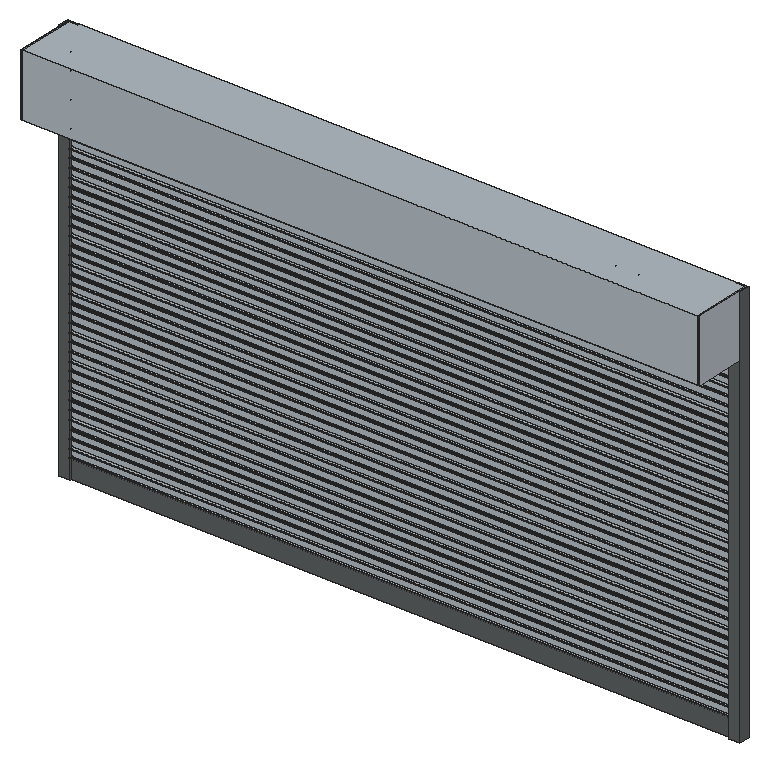
Revit family "Doors_Fire-Doors-Shutters_Wayne-Dalton_Fire-Rated-Counter-Shutters-FireStar-Model-550", category Specialty Equipment, host Wall, Revit 2019 (continued)
Definition of nested family "Motor"
  Definition of nested family "2D_NotScalableMain_29e791da-3db9-4234-ab15-44456784202b"
    Lines and regions (in)
      Masking region 3, in view "Ref. Level", visible <- "Wall Mount RMX"
        outline origin (0, 0, 0) x (1, 0, 0) y (0, 1, 0)
          loop
            line (2.988, -2.17347) -> (2.988, 0.77483) -> (7.2495, 0.77483) -> (7.2495, -1.81) -> (7.52, -1.81) -> (7.52, 0.79) -> (8.82, 0.79) -> (8.82, 1.59) -> (7.52, 1.59) -> (7.52, 4.19) -> (7.2495, 4.19) -> (7.2495, 1.59) -> (3.108, 1.59) -> (3.108, 1.46193) -> (2.988, 1.46193) -> (2.988, 4.96193) -> (-2.988, 4.96193)
      reference lines, in view "Ref. Level"
        curve 1: line (0, 0, 0) -> (0, 0.125, 0)
        curve 2: line (0, 0, 0) -> (0.125, 0, 0)
      detail lines, in view "Ref. Level", visible <- "Wall Mount"
        curve 3: line (7.2495, 4.19, 0) -> (7.2495, -1.81, 0)
        curve 4: line (7.52, 4.19, 0) -> (7.52, -1.81, 0)
        curve 5: line (-4.134, -2.29347, 0) -> (-4.134, -5.05565, 0)
        curve 6: line (4.116, -2.29347, 0) -> (4.116, -5.05565, 0)
        curve 7: line (-4.134, -2.41307, 0) -> (4.116, -2.41307, 0)
        curve 8: line (4.116, -2.29347, 0) -> (3.108, -2.29347, 0)
        curve 9: line (2.988, -2.17347, 0) -> (2.988, 4.96193, 0)
        curve 10: line (2.988, 4.96193, 0) -> (-2.988, 4.96193, 0)
        curve 11: line (-2.988, 4.96193, 0) -> (-2.988, -2.17347, 0)
        curve 12: arc (-2.988, -2.17347, 0) -> (-3.02315, -2.25832, 0) -> (-3.108, -2.29347, 0) r 0.12
        curve 13: arc (3.108, -2.29347, 0) -> (3.02315, -2.25832, 0) -> (2.988, -2.17347, 0) r 0.12
        curve 21: line (-4.134, -2.29347, 0) -> (-3.108, -2.29347, 0)
      detail lines, in view "Ref. Level", not visible
        curve 14: line (4.57, -3.22517, 0) -> (4.57, 0.77483, 0)
        curve 15: line (4.799, -1.27241, 0) -> (4.799, 0.77483, 0)
      detail lines, in view "Ref. Level", visible <- "Wall Mount RSX"
        curve 16: line (5.199, -0.84111, 0) -> (5.199, 0.77483, 0)
        curve 17: line (-4.5757, -3.22517, 0) -> (-4.5757, 3.22517, 0)
        curve 18: line (-5.42825, -1.86661, 0) -> (-5.42825, 1.86661, 0)
        curve 19: line (-5.5274, 1.76746, 0) -> (-5.5274, -1.76746, 0)
        curve 20: line (-5.7485, -0.96741, 0) -> (-5.7485, 0.96741, 0)
        curve 22: line (5.199, 0.77483, 0) -> (2.988, 0.77483, 0)
        curve 23: line (4.57, 1.59, 0) -> (3.108, 1.59, 0)
        curve 24: line (-4.5757, -3.22517, 0) -> (-4.5757, 3.22517, 0)
        curve 25: line (-5.42825, 1.86661, 0) -> (-5.42825, -1.86661, 0)
        curve 26: line (-5.5274, 1.76746, 0) -> (-5.5274, -1.76746, 0)
        curve 27: line (-5.7485, -0.96741, 0) -> (-5.7485, 0.96741, 0)
        curve 28: line (4.57, 3.22517, 0) -> (4.57, 1.59, 0)
        curve 29: line (4.799, 0.77483, 0) -> (4.799, -1.22759, 0)
    Dimensions and locks (in)
      curve 1 to curve 1 = 1/8"
      curve 2 to curve 2 = 1/8"
      aligned and locked: plane 1 "Center (Front/Back)" to curve 1
      aligned and locked: plane 3 "Center (Left/Right)" to curve 1
      aligned and locked: plane 1 "Center (Front/Back)" to curve 2
Definition of nested family "Label Annotation 1"
  Parameters (values of type "Label Annotation 1-8")
    Label = "Area is too big. Please reduce Door Size."
  Reference planes (in)
    plane 1: y = 0
    plane 2: x = 0
  Text (in)
    label "Label" at (0.00375, -0.00345, 0), shows "Label"
Definition of nested family "Warning Sign"
  Parameters (values of type "Warning Sign")
    Warning Sign [instance] = no
    Default Elevation = 48"
  Reference planes (in)
    plane 1 "Center (Front/Back)": y = 0
    plane 2: z = 0
    plane 3 "Center (Left/Right)": x = 0
    plane 4: y = 0.5
    plane 5: y = -0.5
    plane 6: y = 1
    plane 7: y = 0.25
  Lines and regions (in)
    model lines
      curve 1: line (-1.76418, 1, 20.77727) -> (-20.66156, 1, -11.95396)
      curve 2: line (-19.77575, 1, -12.46538) -> (-0.87837, 1, 20.26584)
      curve 3: arc (1.77908, 1, 20.77727) -> (0.00745, 1, 21.80012) -> (-1.76418, 1, 20.77727) r 2.0457
      curve 4: arc (-0.87837, 1, 20.26584) -> (0.00745, 1, 20.77727) -> (0.89326, 1, 20.26584) r 1.02285
      curve 5: line (0.89326, 1, 20.26584) -> (19.79064, 1, -12.46538)
      curve 6: line (20.67646, 1, -11.95396) -> (1.77908, 1, 20.77727)
      curve 7: arc (19.79064, 1, -12.46538) -> (19.79064, 1, -13.48823) -> (18.90483, 1, -13.99966) r 1.02285
      curve 8: arc (18.90483, 1, -15.02251) -> (20.67646, 1, -13.99966) -> (20.67646, 1, -11.95396) r 2.0457
      curve 9: line (18.90483, 1, -13.99966) -> (-18.88993, 1, -13.99966)
      curve 10: line (-18.88993, 1, -15.02251) -> (18.90483, 1, -15.02251)
      curve 11: arc (-18.88993, 1, -13.99966) -> (-19.77575, 1, -13.48823) -> (-19.77575, 1, -12.46538) r 1.02285
      curve 12: arc (-20.66156, 1, -11.95396) -> (-20.66156, 1, -13.99966) -> (-18.88993, 1, -15.02251) r 2.0457
      curve 13: arc (-1.79043, 1, -8.25704) -> (0.00745, 1, -10.05492) -> (1.80533, 1, -8.25704) r 1.79788
      curve 14: arc (1.80533, 1, -8.25704) -> (0.00745, 1, -6.45916) -> (-1.79043, 1, -8.25704) r 1.79788
      curve 15: arc (-1.27202, 1, -4.07703) -> (0.03439, 1, -5.20006) -> (1.33368, 1, -4.06879) r 1.31655
      curve 16: line (-2.94943, 1, 7.21109) -> (-1.27202, 1, -4.07703)
      curve 17: line (1.33368, 1, -4.06879) -> (2.93699, 1, 7.21109)
      curve 18: arc (2.93699, 1, 7.21109) -> (-0.00622, 1, 10.1543) -> (-2.94943, 1, 7.21109) r 2.94321
      curve 19: line (-1.76418, -0.5, 20.77727) -> (-20.66156, -0.5, -11.95396)
      curve 20: line (-19.77575, -0.5, -12.46538) -> (-0.87837, -0.5, 20.26584)
      curve 21: arc (1.77908, -0.5, 20.77727) -> (0.00745, -0.5, 21.80012) -> (-1.76418, -0.5, 20.77727) r 2.0457
      curve 22: arc (-0.87837, -0.5, 20.26584) -> (0.00745, -0.5, 20.77727) -> (0.89326, -0.5, 20.26584) r 1.02285
      curve 23: line (0.89326, -0.5, 20.26584) -> (19.79064, -0.5, -12.46538)
      curve 24: line (20.67646, -0.5, -11.95396) -> (1.77908, -0.5, 20.77727)
      curve 25: arc (19.79064, -0.5, -12.46538) -> (19.79064, -0.5, -13.48823) -> (18.90483, -0.5, -13.99966) r 1.02285
      curve 26: arc (18.90483, -0.5, -15.02251) -> (20.67646, -0.5, -13.99966) -> (20.67646, -0.5, -11.95396) r 2.0457
      curve 27: line (18.90483, -0.5, -13.99966) -> (-18.88993, -0.5, -13.99966)
      curve 28: line (-18.88993, -0.5, -15.02251) -> (18.90483, -0.5, -15.02251)
      curve 29: arc (-18.88993, -0.5, -13.99966) -> (-19.77575, -0.5, -13.48823) -> (-19.77575, -0.5, -12.46538) r 1.02285
      curve 30: arc (-20.66156, -0.5, -11.95396) -> (-20.66156, -0.5, -13.99966) -> (-18.88993, -0.5, -15.02251) r 2.0457
      curve 31: arc (-1.79043, -0.5, -8.25704) -> (0.00745, -0.5, -10.05492) -> (1.80533, -0.5, -8.25704) r 1.79788
      curve 32: arc (1.80533, -0.5, -8.25704) -> (0.00745, -0.5, -6.45916) -> (-1.79043, -0.5, -8.25704) r 1.79788
      curve 33: arc (-1.27202, -0.5, -4.07703) -> (0.03439, -0.5, -5.20006) -> (1.33368, -0.5, -4.06879) r 1.31655
      curve 34: line (-2.94943, -0.5, 7.21109) -> (-1.27202, -0.5, -4.07703)
      curve 35: line (1.33368, -0.5, -4.06879) -> (2.93699, -0.5, 7.21109)
      curve 36: arc (2.93699, -0.5, 7.21109) -> (-0.00622, -0.5, 10.1543) -> (-2.94943, -0.5, 7.21109) r 2.94321
  Dimensions and locks (in)
    locked: plane 1 "Center (Front/Back)" to plane 4 at 0.5
    equal spacing: plane 1 "Center (Front/Back)", plane 7, plane 4
    locked: plane 4 to plane 6 at 0.5
    locked: plane 5 to plane 1 "Center (Front/Back)" at 0.5
    aligned and locked: plane 2 to level
  Automatic sketch dimensions
    curve 21 to curve 22 = 0"  (x2)
    curve 25 to curve 26 = 0"  (x2)
    curve 29 to curve 30 = 0"  (x2)
    curve 31 to curve 32 = 0"  (x2)
    curve 19 to plane 3 "Center (Left/Right)" = 1.76418"
    level to curve 19 = 20.77727"
    plane 3 "Center (Left/Right)" to curve 24 = 1.77908"
    curve 24 to curve 21 = 0"
    curve 20 to plane 3 "Center (Left/Right)" = 0.87837"
    curve 21 to curve 20 = 0.51143"
    plane 3 "Center (Left/Right)" to curve 23 = 0.89326"
    curve 23 to curve 21 = 0.51143"
    plane 3 "Center (Left/Right)" to curve 35 = 2.93699"
    level to curve 35 = 7.21109"
    plane 3 "Center (Left/Right)" to curve 33 = 0.03023"
    curve 33 to level = 3.88352"
    curve 35 to level = 4.06879"
    curve 34 to level = 4.07703"
    plane 3 "Center (Left/Right)" to curve 31 = 0.00745"
    curve 31 to level = 8.25704"
    curve 19 to level = 11.95396"
    curve 24 to level = 11.95396"
    curve 30 to curve 20 = 0.51143"
    curve 26 to curve 23 = 0.51143"
    curve 29 to curve 30 = 0.51143"
    curve 25 to curve 25 = 0.51143"
    curve 30 to curve 27 = 1.02285"
    curve 29 to curve 28 = 1.02285"
    curve 34 to plane 3 "Center (Left/Right)" = 2.94943"
    curve 30 to plane 3 "Center (Left/Right)" = 18.88993"
    curve 34 to plane 3 "Center (Left/Right)" = 1.27202"
    plane 3 "Center (Left/Right)" to curve 25 = 18.90483"
    curve 31 to plane 3 "Center (Left/Right)" = 1.79043"
    curve 3 to curve 4 = 0"  (x2)
    curve 7 to curve 8 = 0"  (x2)
    curve 11 to curve 12 = 0"  (x2)
    curve 13 to curve 14 = 0"  (x2)
    curve 1 to plane 3 "Center (Left/Right)" = 1.76418"
    level to curve 1 = 20.77727"
    plane 3 "Center (Left/Right)" to curve 6 = 1.77908"
    curve 6 to curve 3 = 0"
    curve 2 to plane 3 "Center (Left/Right)" = 0.87837"
    curve 3 to curve 2 = 0.51143"
    plane 3 "Center (Left/Right)" to curve 5 = 0.89326"
    curve 5 to curve 3 = 0.51143"
    plane 3 "Center (Left/Right)" to curve 17 = 2.93699"
    level to curve 17 = 7.21109"
    plane 3 "Center (Left/Right)" to curve 15 = 0.03023"
    curve 15 to level = 3.88352"
    curve 17 to level = 4.06879"
    curve 16 to level = 4.07703"
    plane 3 "Center (Left/Right)" to curve 13 = 0.00745"
    curve 13 to level = 8.25704"
    curve 1 to level = 11.95396"
    curve 6 to level = 11.95396"
    curve 12 to curve 2 = 0.51143"
    curve 8 to curve 5 = 0.51143"
    curve 11 to curve 12 = 0.51143"
    curve 7 to curve 7 = 0.51143"
    curve 12 to curve 9 = 1.02285"
    curve 11 to curve 10 = 1.02285"
    curve 16 to plane 3 "Center (Left/Right)" = 2.94943"
    curve 12 to plane 3 "Center (Left/Right)" = 18.88993"
    curve 16 to plane 3 "Center (Left/Right)" = 1.27202"
    plane 3 "Center (Left/Right)" to curve 7 = 18.90483"
    curve 13 to plane 3 "Center (Left/Right)" = 1.79043"
Types (9): name | Voltage | Side Room Right | Operator Visibility | Number of Poles | Lookup BD | Hood Height | Lookup HH | Headroom Height Real | Headroom Height | Frequency | Floor To CL shaft | Electric Operator | Door Height True | Floor To (CL) of Shaft | Crank | Manual | Current | Backroom Depth | Apparent Load Phase 3 | Apparent Load Phase 2 | Apparent Load Phase 1
  115 volts, one phase, 60 Hz (110-120V range) | 115 V | 8" | yes | 1 | 13 1/8" | 13 1/2" | 13 1/2" | 16 1/2" | 16 1/2" | 60 Hz | 69 3/4" | yes | 136 1/2" | 105 3/4" | no | no | 20 A | 13 1/8" | 0 VA | 0 VA | 2300 VA
  ‏​Manual push-up | 0 V | 3" | no | 1 | 11 1/8" | 11 1/2" | 11 1/2" | 14 1/2" | 14 1/2" | 0 Hz | 68 3/4" | no | 134 1/2" | 104 3/4" | no | yes | 0 A | 11 1/8" | 0 VA | 0 VA | 0 VA
  230 volts, three phase, 60 Hz (208-245V range) | 230 V | 8" | yes | 3 | 13 1/8" | 13 1/2" | 13 1/2" | 16 1/2" | 16 1/2" | 60 Hz | 69 3/4" | yes | 136 1/2" | 105 3/4" | no | no | 20 A | 13 1/8" | 2655.81 VA | 2655.81 VA | 2655.81 VA
  230 volts, one phase, 60 Hz (208-245V range) | 230 V | 8" | yes | 1 | 13 1/8" | 13 1/2" | 13 1/2" | 16 1/2" | 16 1/2" | 60 Hz | 69 3/4" | yes | 136 1/2" | 105 3/4" | no | no | 20 A | 13 1/8" | 0 VA | 0 VA | 4600 VA
  460 volts, three phase, 60 Hz (456-495V range) | 460 V | 8" | yes | 3 | 13 1/8" | 13 1/2" | 13 1/2" | 16 1/2" | 16 1/2" | 60 Hz | 69 3/4" | yes | 136 1/2" | 105 3/4" | no | no | 20 A | 13 1/8" | 5311.62 VA | 5311.62 VA | 5311.62 VA
  208 volts, one phase, 60 Hz (190-207V range) | 208 V | 8" | yes | 1 | 13 1/8" | 13 1/2" | 13 1/2" | 16 1/2" | 16 1/2" | 60 Hz | 69 3/4" | yes | 136 1/2" | 105 3/4" | no | no | 20 A | 13 1/8" | 0 VA | 0 VA | 4160 VA
  208 volts, three phase, 60 Hz (190-207V range) | 208 V | 8" | yes | 3 | 13 1/8" | 13 1/2" | 13 1/2" | 16 1/2" | 16 1/2" | 60 Hz | 69 3/4" | yes | 136 1/2" | 105 3/4" | no | no | 20 A | 13 1/8" | 2401.78 VA | 2401.78 VA | 2401.78 VA
  575 volts, three phase, 60 Hz | 575 V | 8" | yes | 3 | 13 1/8" | 13 1/2" | 13 1/2" | 16 1/2" | 16 1/2" | 60 Hz | 69 3/4" | yes | 136 1/2" | 105 3/4" | no | no | 20 A | 13 1/8" | 6639.53 VA | 6639.53 VA | 6639.53 VA
  Manual crank | 0 V | 5" | yes | 1 | 9 1/8" | 9 1/2" | 9 1/2" | 12 1/2" | 12 1/2" | 0 Hz | 67 3/4" | no | 132 1/2" | 103 3/4" | yes | no | 0 A | 9 1/8" | 0 VA | 0 VA | 0 VA
